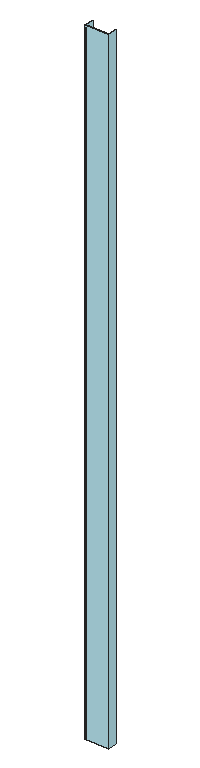
Revit family "C38×15×1.6（折曲加工) ", category 機械設備, Revit 2020
Family settings
  丸型コネクタ寸法 = 直径を使用
  種別 = なし
  パーツ タイプ = 標準
  作業面ベース = いいえ
  常に垂直 = はい
  ロード時にボイドで切り取り = いいえ
  共有 = いいえ
  部屋計算ポイント = いいえ
Parameters
  製造元 = "株式会社桐井製作所"
  既定の高さ = 0 mm
  URL = "https://www.kirii.co.jp/"
  K_長さ(mm) [instance] = 1000 mm
  K_外形寸法(mm) = "38×15×1.6"
  K_品名 = "チャンネルC-38×15×1.6(折曲加工)"
  K_名称 = "斜め部材(ブレース材)"
  K_バージョン情報 = "20211216"
Reference planes
  plane 1 "中心(正面/背面)": y = 0
  plane 2: z = 0
  plane 3 "中心(左/右)": x = 0
  plane 4: x = 19
  plane 5: x = -19
  plane 6: z = 1000
Forms (mm)
  Extrusion 1, solid
    sketch origin (0, 1, 0) x (1, 0, 0) y (0, 1, 0)
      loop
        line (-19, 14) -> (-19, -1) -> (19, -1) -> (19, 14) -> (17.4, 14) -> (17.4, 0.6) -> (-17.4, 0.6) -> (-17.4, 14) -> (-19, 14)
    from 0 to 1000
Dimensions and locks
  "K_長さ(mm)": plane 6 to plane 2
  aligned and locked: level to plane 2
  aligned and locked: plane 6 to Extrusion 1
Automatic sketch dimensions
  plane 1 "中心(正面/背面)" to Extrusion 1 sketch curve = 0 mm
  Extrusion 1 sketch curve to plane 5 = 0 mm
  Extrusion 1 sketch curve to plane 4 = 0 mm
  plane 5 to Extrusion 1 sketch curve = 1.6 mm
  Extrusion 1 sketch curve to plane 4 = 1.6 mm
  Extrusion 1 sketch curve to plane 1 "中心(正面/背面)" = 1.6 mm
  Extrusion 1 sketch curve to Extrusion 1 sketch curve = 13.4 mm  (x2)
